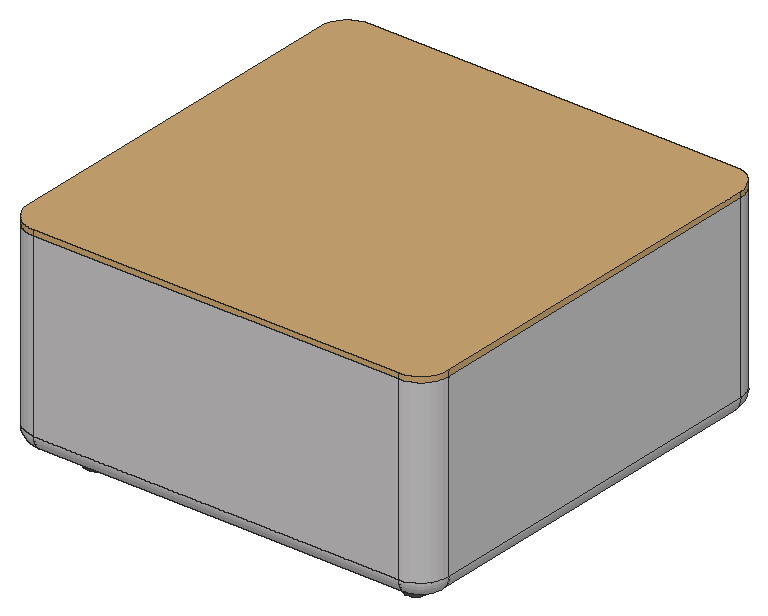
Revit family "FU_Chair_Sandler_ENTROPY_ENT0930RO", category Furniture, Revit 2020
Family settings
  OmniClass Number = 23.21.23.15.17
  Work Plane-Based = Yes
  Always vertical = No
  Cut with Voids When Loaded = No
  Shared = No
  Room Calculation Point = No
Parameters (values of type "ENTROPY ENT0930RO")
  Youtube clip = ""
  Width = 750.000 mm
  Uniformat II Description = "Movable Furnishings"
  Uniformat II Code = ""
  Uniclass 2015 Name = ""
  Uniclass 2015 Code = ""
  Uniclass 2.0 Description = ""
  Uniclass 2.0 Code = ""
  Uniclass 1.4 Description = ""
  Uniclass 1.4 Code = ""
  UNSPSC Code = ""
  Technical description = ""
  Seat Material = Leather - Gaja - 60005
  Frame Material = Steel - Frame - Black
  Region South America = "All"
  Region Oceania = "All"
  Region North America = "All"
  Region Middle East = "All"
  Region Europe = "All"
  Region Asia = "All"
  Region Antarctica = "All"
  Region Africa = "All"
  QR code = ""
  Product url = "https://www.sandlerseating.com/product/ent0930ro/"
  Product name = ""
  Product group = "Chair"
  Product family = "Furniture"
  Product data url = "https://www.sandlerseating.com/product/ent0930ro/"
  Product certification = ""
  Product SKU = ""
  Product Guid = ""
  OmniClass Description = ""
  OmniClass Code = "23-21 23 15 17"
  NBS Reference Description = ""
  NBS Reference Code = ""
  Model = "ENTROPY ENT0930RO"
  Masterformat 2014 Description = "Chair Mats"
  Masterformat 2014 Code = "12 48 43.13"
  Manufacturer name = "Sandler"
  Manufacturer country = "UK"
  Manufacturer = "Sandler"
  Installation instructions = ""
  IFC Classification = "Furnishing Element"
  GTIN code = ""
  Edition number = 1
  Design country = "UK"
  Description = "Chair"
  Depth = 750.000 mm
  Default Elevation = 0.000 mm
  Date of publishing = ""
  COBIe Type Category = ""
  Brand url = "https://www.sandlerseating.com/"
  BIMobject main category code = "furniture"
  BIMobject main category = "Furniture"
  BIMobject category code = "furniture-chair"
  BIMobject category = "Chair"
Reference planes
  plane 1 "Center Front/Back": y = 0
  plane 2: z = 0
  plane 3 "Center Left/Right": x = 0
  plane 4: y = 375
  plane 5: y = -375
  plane 6: x = -375
  plane 7: x = 375
  plane 8: z = 400
  plane 9: z = 40
  plane 10: x = -337.5
  plane 11: x = 337.5
  plane 12: y = -337.5
  plane 13: y = 337.5
  plane 14: z = 390
  plane 15: x = 240
  plane 16: z = 390
Forms (mm)
  Extrusion 1, solid, material "Leather - Gaja - 60005" <- "Seat Material"
    sketch origin (0, 0, 0) x (1, 0, 0) y (0, 1, 0)
      loop
        arc (-325, 375) -> (-360.355, 360.355) -> (-375, 325) r 50
        line (-375, 325) -> (-375, -325)
        arc (-375, -325) -> (-360.355, -360.355) -> (-325, -375) r 50
        line (-325, -375) -> (325, -375)
        arc (325, -375) -> (360.355, -360.355) -> (375, -325) r 50
        line (375, -325) -> (375, 325)
        arc (375, 325) -> (360.355, 360.355) -> (325, 375) r 50
        line (325, 375) -> (-325, 375)
    from 40 to 390
  Extrusion 2, solid, material "Steel - Frame - Black" <- "Frame Material"
    sketch origin (0, 0, 0) x (1, 0, 0) y (0, 1, 0)
      loop
        circle (-285, -285) r 20
      loop
        circle (285, -285) r 20
      loop
        circle (-285, 285) r 20
      loop
        circle (285, 285) r 20
    from 0 to 40
  Sweep 3, void
    path in 3D
      loop
        arc (375, -325, 40) -> (360.355, -360.355, 40) -> (325, -375, 40) r 50
        line (325, -375, 40) -> (-325, -375, 40)
        arc (-325, -375, 40) -> (-360.355, -360.355, 40) -> (-375, -325, 40) r 50
        line (-375, -325, 40) -> (-375, 325, 40)
        arc (-375, 325, 40) -> (-360.355, 360.355, 40) -> (-325, 375, 40) r 50
        line (-325, 375, 40) -> (325, 375, 40)
        arc (325, 375, 40) -> (360.355, 360.355, 40) -> (375, 325, 40) r 50
        line (375, 325, 40) -> (375, -325, 40)
    profile origin (375, 0, 40) x (-1, 0, 0) y (0, 0, -1)
      loop
        line (0, 0) -> (0, -30)
        arc (0, -30) -> (8.787, -8.787) -> (30, 0) r 30
        line (30, 0) -> (0, 0)
  Extrusion 4, solid, material "Wood - OAK - Natual OAK"
    sketch origin (0, 0, 0) x (1, 0, 0) y (0, 1, 0)
      loop
        arc (-325, 375) -> (-360.355, 360.355) -> (-375, 325) r 50
        line (-375, 325) -> (-375, -325)
        arc (-375, -325) -> (-360.355, -360.355) -> (-325, -375) r 50
        line (-325, -375) -> (325, -375)
        arc (325, -375) -> (360.355, -360.355) -> (375, -325) r 50
        line (375, -325) -> (375, 325)
        arc (375, 325) -> (360.355, 360.355) -> (325, 375) r 50
        line (325, 375) -> (-325, 375)
    from 390 to 400
Cuts and joins
  Sweep 3 cuts Extrusion 1
Lines and regions (mm)
  sketch lines
    curve 1: line (375, 325, 40) -> (375, -325, 40)
    curve 2: arc (375, 325, 40) -> (360.355, 360.355, 40) -> (325, 375, 40) r 50
    curve 3: line (-325, 375, 40) -> (325, 375, 40)
    curve 4: arc (-325, 375, 40) -> (-360.355, 360.355, 40) -> (-375, 325, 40) r 50
    curve 5: line (-375, -325, 40) -> (-375, 325, 40)
    curve 6: arc (-375, -325, 40) -> (-360.355, -360.355, 40) -> (-325, -375, 40) r 50
    curve 7: line (325, -375, 40) -> (-325, -375, 40)
    curve 8: arc (325, -375, 40) -> (360.355, -360.355, 40) -> (375, -325, 40) r 50
Dimensions and locks
  equal spacing: plane 4, plane 1 "Center Front/Back", plane 5
  "Depth": plane 4 to plane 5
  equal spacing: plane 6, plane 3 "Center Left/Right", plane 7
  "Width": plane 6 to plane 7
  locked: plane 11 to plane 7 at 37.5
  locked: plane 6 to plane 10 at 37.5
  locked: plane 4 to plane 13 at 37.5
  locked: plane 12 to plane 5 at 37.5
  aligned and locked: level to plane 2
  aligned and locked: Extrusion 1 sketch curve to plane 4
  aligned and locked: plane 5 to Extrusion 1 sketch curve
  aligned and locked: Extrusion 1 sketch curve to plane 7
  aligned and locked: plane 4 to Extrusion 4
  aligned and locked: Extrusion 4 to plane 5
  aligned and locked: plane 7 to Extrusion 4
  aligned and locked: Extrusion 4 to plane 6
Automatic sketch dimensions
  Extrusion 1 sketch curve to plane 4 = 50.000 mm
  plane 10 to Extrusion 1 sketch curve = 12.500 mm  (x2)
  Extrusion 1 sketch curve to plane 11 = 12.500 mm  (x2)
  Extrusion 1 sketch curve to plane 6 = 0.000 mm
  plane 10 to Extrusion 2 sketch curve = 52.500 mm  (x2)
  Extrusion 2 sketch curve to plane 11 = 52.500 mm  (x2)
  plane 12 to Extrusion 2 sketch curve = 52.500 mm  (x2)
  Extrusion 2 sketch curve to plane 13 = 52.500 mm  (x2)
  Sweep 3 sketch curve to profile plane = 0.000 mm  (x2)
  Sweep 3 sketch curve to profile plane = 30.000 mm
  Extrusion 4 sketch curve to plane 6 = 0.000 mm
  Extrusion 4 sketch curve to plane 4 = 0.000 mm
  Extrusion 4 sketch curve to plane 5 = 0.000 mm
  Extrusion 4 sketch curve to plane 7 = 0.000 mm
  plane 10 to Extrusion 4 sketch curve = 12.500 mm  (x2)
  Extrusion 4 sketch curve to plane 11 = 12.500 mm  (x2)
  radius of Extrusion 2 sketch curve = 20.000 mm  (x4)
